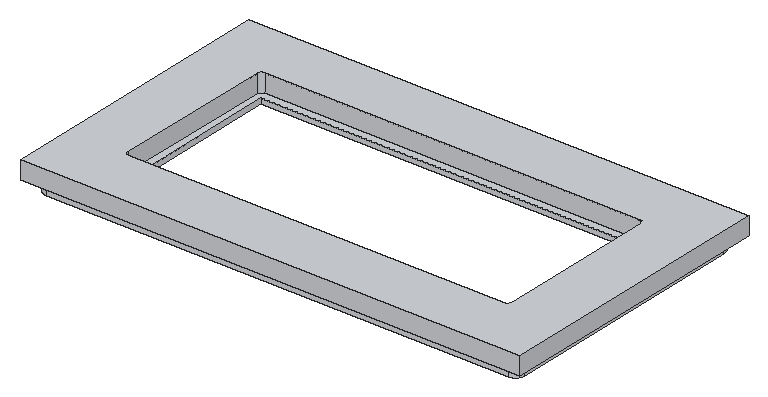
Revit family "Gira_1002217", category Electrical Fixtures, host Face, Revit 2017
Family settings
  Host = Face
  Maintain Annotation Orientation = No
  Round Connector Dimension = Use Diameter
  Part Type = Normal
  Cut with Voids When Loaded = No
  Shared = No
  Room Calculation Point = No
Parameters (values of type "Cov.fr. 2-g w/o cb Gira Esprit alum.light gold")
  With mounting grid = "No"
  With hinged lid = "No"
  URL = "http://katalog.gira.de/en/datenblatt.html?artikelnr=1002217"
  Type of fastening = "Clamp mounting"
  Transparent = "No"
  Surface protection = "Other"
  Suitable for wall duct = "No"
  Suitable for flush-mounted installation = "Yes"
  Suitable for floor box = "No"
  Suitable for built-in installation = "No"
  Number of units vertical = "2"
  Number of units horizontal = "2"
  Number of units = "2"
  Name = "Cov.fr. 2-g w/o cb Gira Esprit alum.light gold"
  Mounting direction = "Horizontal and vertical"
  Material quality = "Aluminium"
  Material = "Metal"
  Manufacturer URL = "https://www.gira.de/"
  Manufacturer = "Gira"
  Label space/information surface = "No"
  Keynote = ""
  HeinzeBIM = "https://bimportal.heinze.de/bim/cov-fr-2-g-w-o-cb-gira-esprit-alum-light-gold/1b89d7cd620234dcf13a46964351cd0773af8aa3"
  Halogen free = "No"
  HAN = "1002217"
  GTIN = "4010337015758"
  Description = "Cov.fr.2g w o cb Espr. AlGd,Gira Esprit cover frame,aluminium light gold,2-gang without crossbar,Features:,- Anodised aluminium EV 2. Colour deviations are possible."
  Degree of protection (IP) = "IP20"
  Default Elevation = 1219.2 mm
  Data sheet (1) = "https://katalog.gira.de/en/download.html?artikelnr=1002217"
  Colour = "Aluminium"
  Category = "Cover frame for domestic switching devices"
  BIM (1) = "https://media.stage.bim.site/public/gira/36a6b08/Espr._Rahmen_2fach o.Mittelsteg.rfa?public/gira/36a6b08/Espr._Rahmen_2fach o.Mittelsteg.rfa"
  Available = "No"
Reference planes
  plane 1 "Center (Front/Back)": y = 0
  plane 2: z = 0
  plane 3 "Center (Left/Right)": x = 0
Forms (mm)
  Extrusion 1, solid, detail levels fine
    sketch origin (0, 0, 0) x (1, 0, 0) y (0, 1, 0)
      loop
        line (-83, 47.5) -> (-83, -47.5) -> (83, -47.5) -> (83, 47.5) -> (-83, 47.5)
      loop
        arc (-63.75, -26.7) -> (-63.311, -27.761) -> (-62.25, -28.2) r 1.5
        line (-62.25, -28.2) -> (62.25, -28.2)
        arc (62.25, -28.2) -> (63.311, -27.761) -> (63.75, -26.7) r 1.5
        line (63.75, -26.7) -> (63.75, 26.7)
        arc (63.75, 26.7) -> (63.311, 27.761) -> (62.25, 28.2) r 1.5
        line (62.25, 28.2) -> (-62.25, 28.2)
        arc (-62.25, 28.2) -> (-63.311, 27.761) -> (-63.75, 26.7) r 1.5
        line (-63.75, 26.7) -> (-63.75, -26.7)
    from 0 to 6
  Extrusion 2, solid, detail levels fine
    sketch origin (0, 0, 0) x (1, 0, 0) y (0, 1, 0)
      loop
        line (-61.518, -25.7) -> (61.45, -25.7) -> (61.45, 25.7) -> (-61.518, 25.7) -> (-61.518, -25.7)
      loop
        arc (-78.55, -41.3) -> (-78.023, -42.573) -> (-76.75, -43.1) r 1.8
        line (-76.75, -43.1) -> (77.95, -43.1)
        arc (77.95, -43.1) -> (79.223, -42.573) -> (79.75, -41.3) r 1.8
        line (79.75, -41.3) -> (79.75, 41.3)
        arc (79.75, 41.3) -> (79.223, 42.573) -> (77.95, 43.1) r 1.8
        line (77.95, 43.1) -> (-76.75, 43.1)
        arc (-76.75, 43.1) -> (-78.023, 42.573) -> (-78.55, 41.3) r 1.8
        line (-78.55, 41.3) -> (-78.55, -41.3)
    from -1.9 to 0
  Extrusion 3, solid, detail levels fine
    sketch origin (0, 0, 0) x (1, 0, 0) y (0, 1, 0)
      loop
        arc (-76.75, 44.4) -> (-78.871, 43.521) -> (-79.75, 41.4) r 3
        line (-79.75, 41.4) -> (-79.75, -41.4)
        arc (-79.75, -41.4) -> (-78.871, -43.521) -> (-76.75, -44.4) r 3
        line (-76.75, -44.4) -> (76.75, -44.4)
        arc (76.75, -44.4) -> (78.871, -43.521) -> (79.75, -41.4) r 3
        line (79.75, -41.4) -> (79.75, 41.4)
        arc (79.75, 41.4) -> (78.871, 43.521) -> (76.75, 44.4) r 3
        line (76.75, 44.4) -> (-76.75, 44.4)
      loop
        arc (-78.55, -41.4) -> (-78.023, -42.673) -> (-76.75, -43.2) r 1.8
        line (-76.75, -43.2) -> (76.75, -43.2)
        arc (76.75, -43.2) -> (78.023, -42.673) -> (78.55, -41.4) r 1.8
        line (78.55, -41.4) -> (78.55, 41.4)
        arc (78.55, 41.4) -> (78.023, 42.673) -> (76.75, 43.2) r 1.8
        line (76.75, 43.2) -> (-76.75, 43.2)
        arc (-76.75, 43.2) -> (-78.023, 42.673) -> (-78.55, 41.4) r 1.8
        line (-78.55, 41.4) -> (-78.55, -41.4)
    from -3.7 to 0
  Extrusion 4, solid, detail levels medium
    sketch origin (0, 0, 0) x (1, 0, 0) y (0, 1, 0)
      loop
        line (-83, 47.5) -> (-83, -47.5) -> (83, -47.5) -> (83, 47.5) -> (-83, 47.5)
    from 0 to 6
  Extrusion 5, solid, detail levels medium
    sketch origin (0, 0, 0) x (1, 0, 0) y (0, 1, 0)
      loop
        line (-79.75, 44.4) -> (-79.75, -44.4) -> (79.75, -44.4) -> (79.75, 44.4) -> (-79.75, 44.4)
    from -3.7 to 0
  Extrusion 6, solid, detail levels coarse
    sketch origin (0, 0, 0) x (1, 0, 0) y (0, 1, 0)
      loop
        line (-83, 47.5) -> (-83, -47.5) -> (83, -47.5) -> (83, 47.5) -> (-83, 47.5)
    from -3.7 to 6
Dimensions and locks
  aligned and locked: plane 2 to host face
  aligned and locked: level to host face
